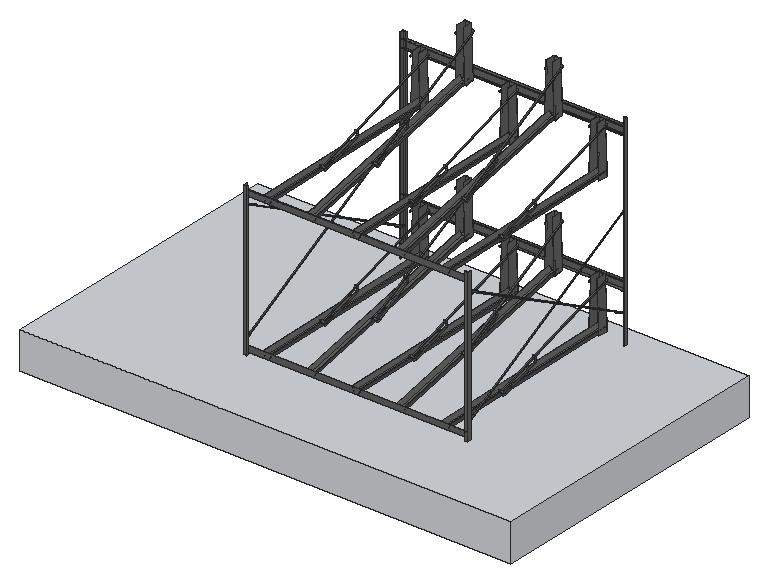
Revit family "Bike_Rack-Saris_Parking-Stretch_Rack", category Site, host Face, Revit 2014 (continued)
Definition of nested family "Bicycle-Saris_Parking-2D"
  Definition of nested family "FRONT"
    Lines and regions (in)
      symbolic lines, style "Bike 2D", detail levels medium+fine
        curve 38: arc (3.37163, -32.72886, 34.68575) -> (2.94854, -32.72886, 34.60721) -> (2.53824, -32.72886, 34.47746) r 3.50811
        curve 39: arc (1.27154, -32.72886, 37.79657) -> (0.96874, -32.72886, 37.87487) -> (0.65764, -32.72886, 37.90698) r 2.08439
        curve 40: line (2.14183, -32.72886, 38.61238) -> (0.61416, -32.72886, 38.61238)
        curve 41: line (4.49497, -32.72886, 41.10228) -> (4.76896, -32.72886, 41.83416)
        curve 42: line (5.91514, -32.72886, 42.78605) -> (6.95487, -32.72886, 42.63748)
        curve 43: line (6.8693, -32.72886, 41.6193) -> (5.81978, -32.72886, 41.78893)
        curve 44: line (5.81978, -32.72886, 41.78893) -> (5.41942, -32.72886, 40.71944)
        curve 45: line (9.08458, -32.72886, 41.14517) -> (7.22129, -32.72886, 41.42196)
        curve 46: line (7.4228, -32.72886, 42.77852) -> (9.2861, -32.72886, 42.50173)
        curve 47: arc (7.4228, -32.72886, 42.77852) -> (7.17306, -32.72886, 42.76035) -> (6.95487, -32.72886, 42.63748) r 0.57343
        curve 48: arc (6.8693, -32.72886, 41.6193) -> (7.02716, -32.72886, 41.48829) -> (7.22129, -32.72886, 41.42196) r 0.56748
        curve 49: arc (9.2861, -32.72886, 42.50173) -> (9.79825, -32.72886, 41.73241) -> (9.08458, -32.72886, 41.14517) r 0.68925
        curve 50: arc (5.91514, -32.72886, 42.78605) -> (5.21556, -32.72886, 42.46242) -> (4.76896, -32.72886, 41.83416) r 1.50051
        curve 51: arc (2.16638, -32.72886, 39.61238) -> (3.5486, -32.72886, 40.01673) -> (4.49497, -32.72886, 41.10228) r 2.56464
        curve 52: arc (2.14183, -32.72886, 38.61238) -> (4.09006, -32.72886, 39.18458) -> (5.41942, -32.72886, 40.71944) r 3.60272
        curve 53: arc (6.95487, -32.72886, 42.63748) -> (7.24748, -32.72886, 42.1002) -> (6.8693, -32.72886, 41.6193) r 0.55602
        curve 54: line (0.61416, -32.72886, 38.25651) -> (0.61416, -32.72886, 39.27296)
        curve 55: line (0.61416, -32.72886, 39.27296) -> (0.61416, -32.72886, 39.61238)
        curve 56: line (0.48916, -32.72886, 37.85466) -> (0.48916, -32.72886, 31.95103)
        curve 57: spline (0.0109, -32.72886, 32.03588) -> (0.39772, -32.72886, 31.97983) -> (0.7572, -32.72886, 31.82658) -> (1.06529, -32.72886, 31.58636) -> (1.30138, -32.72886, 31.27527) -> (1.44966, -32.72886, 30.91411) -> (1.50021, -32.72886, 30.52706) -> (1.44966, -32.72886, 30.14) -> (1.30138, -32.72886, 29.77884) -> (1.06529, -32.72886, 29.46775) -> (0.7572, -32.72886, 29.22754) -> (0.39772, -32.72886, 29.07428) -> (0.0109, -32.72886, 29.01823)
        curve 58: line (-0.96736, -32.72886, 29.39579) -> (-0.96736, -32.72886, 26.35537)
        curve 59: line (-2.07448, -32.72886, 28.19801) -> (-0.96736, -32.72886, 28.19801)
        curve 60: line (-2.07448, -32.72886, 26.09556) -> (-2.07448, -32.72886, 28.19801)
        curve 61: spline (-1.6722, -32.72886, 26.07132) -> (-1.77553, -32.72886, 26.08771) -> (-1.88437, -32.72886, 26.09696) -> (-1.99561, -32.72886, 26.0988) -> (-2.10602, -32.72886, 26.09319) -> (-2.21246, -32.72886, 26.08027) -> (-2.31184, -32.72886, 26.06043) -> (-2.40133, -32.72886, 26.03423) -> (-2.47834, -32.72886, 26.00243) -> (-2.54066, -32.72886, 25.96594) -> (-2.5865, -32.72886, 25.92581) -> (-2.61454, -32.72886, 25.8832) -> (-2.62398, -32.72886, 25.83932)
        curve 62: line (-1.36484, -32.72886, 27.40263) -> (-1.6722, -32.72886, 26.07132)
        curve 63: spline (-0.97447, -32.72886, 27.71301) -> (-1.07825, -32.72886, 27.70081) -> (-1.17394, -32.72886, 27.66499) -> (-1.25539, -32.72886, 27.60787) -> (-1.31733, -32.72886, 27.53313) -> (-1.35579, -32.72886, 27.44559) -> (-1.36828, -32.72886, 27.35087) -> (-1.354, -32.72886, 27.2551) -> (-1.31386, -32.72886, 27.16445) -> (-1.25046, -32.72886, 27.08475) -> (-1.16788, -32.72886, 27.02114) -> (-1.07144, -32.72886, 26.97772) -> (-0.96736, -32.72886, 26.9573)
        curve 64: line (-2.62398, -32.72886, 25.83932) -> (-2.62398, -32.72886, 23.99344)
        curve 65: spline (-1.41036, -32.72886, 24.13098) -> (-1.52525, -32.72886, 24.18547) -> (-1.67314, -32.72886, 24.22564) -> (-1.84299, -32.72886, 24.24847) -> (-2.02213, -32.72886, 24.25226) -> (-2.19717, -32.72886, 24.23674) -> (-2.35507, -32.72886, 24.20306) -> (-2.48402, -32.72886, 24.15373) -> (-2.57441, -32.72886, 24.09244) -> (-2.61949, -32.72886, 24.02376) -> (-2.6159, -32.72886, 23.95281) -> (-2.56389, -32.72886, 23.8849) -> (-2.46736, -32.72886, 23.82509)
        curve 66: line (-2.46736, -32.72886, 24.1618) -> (-2.46736, -32.72886, 12.40829)
        curve 67: spline (0.0109, -32.72886, 26.78579) -> (-0.17732, -32.72886, 26.7645) -> (-0.36134, -32.72886, 26.71961) -> (-0.53819, -32.72886, 26.65185) -> (-0.70504, -32.72886, 26.56229) -> (-0.85922, -32.72886, 26.45239) -> (-0.99825, -32.72886, 26.32391) -> (-1.11988, -32.72886, 26.1789) -> (-1.22219, -32.72886, 26.01969) -> (-1.30351, -32.72886, 25.84885) -> (-1.36255, -32.72886, 25.6691) -> (-1.39836, -32.72886, 25.48335) -> (-1.41036, -32.72886, 25.29456)
        curve 68: spline (0.0109, -32.72886, 26.56475) -> (-0.1544, -32.72886, 26.54429) -> (-0.31587, -32.72886, 26.50348) -> (-0.47101, -32.72886, 26.44295) -> (-0.61743, -32.72886, 26.36366) -> (-0.75284, -32.72886, 26.26681) -> (-0.87517, -32.72886, 26.15392) -> (-0.9825, -32.72886, 26.02673) -> (-1.07318, -32.72886, 25.8872) -> (-1.14581, -32.72886, 25.73752) -> (-1.19925, -32.72886, 25.57998) -> (-1.23269, -32.72886, 25.41703) -> (-1.2456, -32.72886, 25.2512)
        curve 69: line (-1.2456, -32.72886, 25.2512) -> (-1.2456, -32.72886, 14.16019)
        curve 70: line (-1.41036, -32.72886, 25.29456) -> (-1.41036, -32.72886, 14.15103)
        curve 71: line (-1.053, -32.72886, 0.50066) -> (-1.053, -32.72886, 25.48285)
        curve 72: line (-3.31736, -32.72886, 8.08114) -> (-6.81736, -32.72886, 8.08114)
        curve 73: line (-6.81736, -32.72886, 6.85734) -> (-3.31736, -32.72886, 6.85734)
        curve 74: line (-6.81736, -32.72886, 8.08114) -> (-6.81736, -32.72886, 6.85734)
        curve 75: line (-3.31736, -32.72886, 6.85734) -> (-3.31736, -32.72886, 8.08114)
        curve 76: line (-2.75486, -32.72886, 7.0035) -> (-2.75486, -32.72886, 12.71421)
        curve 77: line (-2.37986, -32.72886, 12.29783) -> (-2.37986, -32.72886, 7.0035)
        curve 78: line (-2.75486, -32.72886, 7.0035) -> (-2.37986, -32.72886, 7.0035)
        curve 79: spline (-1.90431, -32.72886, 12.60219) -> (-2.04526, -32.72886, 12.60137) -> (-2.18002, -32.72886, 12.58519) -> (-2.29787, -32.72886, 12.55496) -> (-2.38945, -32.72886, 12.51307) -> (-2.44749, -32.72886, 12.46285) -> (-2.46736, -32.72886, 12.40829) -> (-2.44749, -32.72886, 12.35373) -> (-2.38945, -32.72886, 12.30351) -> (-2.29787, -32.72886, 12.26162) -> (-2.18002, -32.72886, 12.23139) -> (-2.04526, -32.72886, 12.21521) -> (-1.90431, -32.72886, 12.21439)
        curve 80: spline (-1.90431, -32.72886, 12.21439) -> (-1.78787, -32.72886, 12.22585) -> (-1.68179, -32.72886, 12.24784) -> (-1.59218, -32.72886, 12.27908) -> (-1.5242, -32.72886, 12.31778) -> (-1.48178, -32.72886, 12.36169) -> (-1.46736, -32.72886, 12.40829) -> (-1.48178, -32.72886, 12.45489) -> (-1.5242, -32.72886, 12.4988) -> (-1.59218, -32.72886, 12.5375) -> (-1.68179, -32.72886, 12.56874) -> (-1.78787, -32.72886, 12.59073) -> (-1.90431, -32.72886, 12.60219)
        curve 81: line (-1.46736, -32.72886, 14.16019) -> (-1.46736, -32.72886, 12.41019)
        curve 82: line (-1.21736, -32.72886, 12.41019) -> (-1.21736, -32.72886, 14.16019)
        curve 83: line (-1.21736, -32.72886, 14.16019) -> (-1.46736, -32.72886, 14.16019)
        curve 84: line (-2.46736, -32.72886, 18.14677) -> (-2.63553, -32.72886, 13.54032)
        curve 85: spline (-2.63553, -32.72886, 13.54032) -> (-2.64661, -32.72886, 13.53327) -> (-2.65296, -32.72886, 13.52597) -> (-2.65452, -32.72886, 13.5185) -> (-2.65125, -32.72886, 13.51094) -> (-2.64321, -32.72886, 13.50339) -> (-2.63047, -32.72886, 13.49593) -> (-2.6132, -32.72886, 13.48865) -> (-2.59158, -32.72886, 13.48164) -> (-2.56587, -32.72886, 13.47496) -> (-2.53636, -32.72886, 13.46871) -> (-2.5034, -32.72886, 13.46294) -> (-2.46736, -32.72886, 13.45774)
        curve 86: line (-2.59236, -32.72886, 12.71421) -> (-2.59236, -32.72886, 13.48186)
        curve 87: line (-2.46736, -32.72886, 12.71421) -> (-2.75486, -32.72886, 12.71421)
        curve 88: line (-1.6982, -32.72886, 26.07622) -> (-1.23611, -32.72886, 25.99408)
        curve 89: line (-2.37986, -32.72886, 11.39854) -> (-1.59236, -32.72886, 11.39854)
        curve 90: line (-1.59236, -32.72886, 10.52339) -> (-1.59236, -32.72886, 12.279)
        curve 91: line (-1.41021, -32.72886, 10.52339) -> (-1.59236, -32.72886, 10.52339)
        curve 92: line (-1.40797, -32.72886, 10.08488) -> (-1.41036, -32.72886, 10.55308)
        curve 93: spline (-1.40797, -32.72886, 10.08488) -> (-1.41032, -32.72886, 10.06352) -> (-1.40663, -32.72886, 10.04217) -> (-1.39693, -32.72886, 10.02091) -> (-1.38124, -32.72886, 9.99984) -> (-1.35964, -32.72886, 9.97904) -> (-1.33221, -32.72886, 9.95858) -> (-1.29906, -32.72886, 9.93856) -> (-1.26033, -32.72886, 9.91905) -> (-1.21617, -32.72886, 9.90014) -> (-1.16676, -32.72886, 9.88189) -> (-1.1123, -32.72886, 9.86438) -> (-1.053, -32.72886, 9.84769)
        curve 94: line (-1.46736, -32.72886, 12.41019) -> (-1.21736, -32.72886, 12.41019)
        curve 95: arc (1.0748, -32.72886, 0.45197) -> (0, -32.72886, 0) -> (-1.053, -32.72886, 0.50066) r 1.42671
        curve 96: line (2.09628, -32.72886, 28.19801) -> (0.98916, -32.72886, 28.19801)
        curve 97: line (2.09628, -32.72886, 26.09556) -> (2.09628, -32.72886, 28.19801)
        curve 98: spline (1.694, -32.72886, 26.07132) -> (1.79733, -32.72886, 26.08771) -> (1.90617, -32.72886, 26.09696) -> (2.0174, -32.72886, 26.0988) -> (2.12782, -32.72886, 26.09319) -> (2.23426, -32.72886, 26.08027) -> (2.33364, -32.72886, 26.06043) -> (2.42313, -32.72886, 26.03423) -> (2.50014, -32.72886, 26.00243) -> (2.56246, -32.72886, 25.96594) -> (2.6083, -32.72886, 25.92581) -> (2.63634, -32.72886, 25.8832) -> (2.64578, -32.72886, 25.83932)
        curve 99: line (1.38664, -32.72886, 27.40263) -> (1.694, -32.72886, 26.07132)
        curve 100: spline (0.99627, -32.72886, 27.71301) -> (1.10005, -32.72886, 27.70081) -> (1.19574, -32.72886, 27.66499) -> (1.27719, -32.72886, 27.60787) -> (1.33913, -32.72886, 27.53313) -> (1.37759, -32.72886, 27.44559) -> (1.39008, -32.72886, 27.35087) -> (1.3758, -32.72886, 27.2551) -> (1.33566, -32.72886, 27.16445) -> (1.27226, -32.72886, 27.08475) -> (1.18968, -32.72886, 27.02114) -> (1.09324, -32.72886, 26.97772) -> (0.98916, -32.72886, 26.9573)
        curve 101: line (2.64578, -32.72886, 25.83932) -> (2.64578, -32.72886, 23.99344)
        curve 102: spline (1.43216, -32.72886, 24.13098) -> (1.54705, -32.72886, 24.18547) -> (1.69494, -32.72886, 24.22564) -> (1.86479, -32.72886, 24.24847) -> (2.04393, -32.72886, 24.25226) -> (2.21897, -32.72886, 24.23674) -> (2.37687, -32.72886, 24.20306) -> (2.50582, -32.72886, 24.15373) -> (2.59621, -32.72886, 24.09244) -> (2.64129, -32.72886, 24.02376) -> (2.63769, -32.72886, 23.95281) -> (2.58569, -32.72886, 23.8849) -> (2.48916, -32.72886, 23.82509)
        curve 103: line (2.48916, -32.72886, 24.1618) -> (2.48916, -32.72886, 12.40829)
        curve 104: spline (0.0109, -32.72886, 26.78579) -> (0.19912, -32.72886, 26.7645) -> (0.38314, -32.72886, 26.71961) -> (0.55999, -32.72886, 26.65185) -> (0.72684, -32.72886, 26.56229) -> (0.88102, -32.72886, 26.45239) -> (1.02004, -32.72886, 26.32391) -> (1.14168, -32.72886, 26.1789) -> (1.24399, -32.72886, 26.01969) -> (1.32531, -32.72886, 25.84885) -> (1.38435, -32.72886, 25.6691) -> (1.42016, -32.72886, 25.48335) -> (1.43216, -32.72886, 25.29456)
        curve 105: spline (0.0109, -32.72886, 26.56475) -> (0.1762, -32.72886, 26.54429) -> (0.33767, -32.72886, 26.50348) -> (0.49281, -32.72886, 26.44295) -> (0.63923, -32.72886, 26.36366) -> (0.77464, -32.72886, 26.26681) -> (0.89697, -32.72886, 26.15392) -> (1.0043, -32.72886, 26.02673) -> (1.09498, -32.72886, 25.8872) -> (1.16761, -32.72886, 25.73752) -> (1.22105, -32.72886, 25.57998) -> (1.25449, -32.72886, 25.41703) -> (1.2674, -32.72886, 25.2512)
        curve 106: line (1.2674, -32.72886, 25.2512) -> (1.2674, -32.72886, 14.16019)
        curve 107: line (1.43216, -32.72886, 25.29456) -> (1.43216, -32.72886, 14.15103)
        curve 108: spline (1.92611, -32.72886, 12.60219) -> (2.06706, -32.72886, 12.60137) -> (2.20182, -32.72886, 12.58519) -> (2.31967, -32.72886, 12.55496) -> (2.41125, -32.72886, 12.51307) -> (2.46929, -32.72886, 12.46285) -> (2.48916, -32.72886, 12.40829) -> (2.46929, -32.72886, 12.35373) -> (2.41125, -32.72886, 12.30351) -> (2.31967, -32.72886, 12.26162) -> (2.20182, -32.72886, 12.23139) -> (2.06706, -32.72886, 12.21521) -> (1.92611, -32.72886, 12.21439)
        curve 109: spline (1.92611, -32.72886, 12.21439) -> (1.80967, -32.72886, 12.22585) -> (1.70359, -32.72886, 12.24784) -> (1.61398, -32.72886, 12.27908) -> (1.546, -32.72886, 12.31778) -> (1.50358, -32.72886, 12.36169) -> (1.48916, -32.72886, 12.40829) -> (1.50358, -32.72886, 12.45489) -> (1.546, -32.72886, 12.4988) -> (1.61398, -32.72886, 12.5375) -> (1.70359, -32.72886, 12.56874) -> (1.80967, -32.72886, 12.59073) -> (1.92611, -32.72886, 12.60219)
        curve 110: line (1.48916, -32.72886, 14.16019) -> (1.48916, -32.72886, 12.41019)
        curve 111: line (1.23916, -32.72886, 12.41019) -> (1.23916, -32.72886, 14.16019)
        curve 112: line (1.23916, -32.72886, 14.16019) -> (1.48916, -32.72886, 14.16019)
        curve 113: line (2.48916, -32.72886, 18.14677) -> (2.65732, -32.72886, 13.54032)
        curve 114: spline (2.65732, -32.72886, 13.54032) -> (2.66841, -32.72886, 13.53327) -> (2.67476, -32.72886, 13.52597) -> (2.67632, -32.72886, 13.5185) -> (2.67305, -32.72886, 13.51094) -> (2.66501, -32.72886, 13.50339) -> (2.65227, -32.72886, 13.49593) -> (2.635, -32.72886, 13.48865) -> (2.61338, -32.72886, 13.48164) -> (2.58767, -32.72886, 13.47496) -> (2.55816, -32.72886, 13.46871) -> (2.5252, -32.72886, 13.46294) -> (2.48916, -32.72886, 13.45774)
        curve 115: line (2.61416, -32.72886, 12.71421) -> (2.61416, -32.72886, 13.48186)
        curve 116: line (2.48916, -32.72886, 12.71421) -> (2.61416, -32.72886, 12.71421)
        curve 117: line (1.72, -32.72886, 26.07622) -> (1.25791, -32.72886, 25.99408)
        curve 118: line (1.48916, -32.72886, 12.41019) -> (1.23916, -32.72886, 12.41019)
        curve 119: line (0.98916, -32.72886, 29.39579) -> (0.98916, -32.72886, 26.35537)
        curve 120: arc (-1.053, -32.72886, 25.48285) -> (0.00001, -32.72886, 25.9833) -> (1.0748, -32.72886, 25.53151) r 1.4271
        curve 121: line (1.0748, -32.72886, 0.45197) -> (1.0748, -32.72886, 25.53151)
        curve 122: line (6.53264, -32.72886, 16.70214) -> (3.03264, -32.72886, 16.70214)
        curve 123: line (3.03264, -32.72886, 15.47834) -> (6.53264, -32.72886, 15.47834)
        curve 124: line (6.53264, -32.72886, 15.47834) -> (6.53264, -32.72886, 16.70214)
        curve 125: line (3.03264, -32.72886, 16.70214) -> (3.03264, -32.72886, 15.47834)
        curve 126: line (2.09514, -32.72886, 11.39854) -> (1.61416, -32.72886, 11.39854)
        curve 127: line (1.61416, -32.72886, 10.52339) -> (1.61416, -32.72886, 12.279)
        curve 128: line (1.43201, -32.72886, 10.52339) -> (1.61416, -32.72886, 10.52339)
        curve 129: line (1.42977, -32.72886, 10.08488) -> (1.43216, -32.72886, 10.55308)
        curve 130: spline (1.42977, -32.72886, 10.08488) -> (1.43212, -32.72886, 10.06352) -> (1.42843, -32.72886, 10.04217) -> (1.41873, -32.72886, 10.02091) -> (1.40304, -32.72886, 9.99984) -> (1.38144, -32.72886, 9.97904) -> (1.35401, -32.72886, 9.95858) -> (1.32086, -32.72886, 9.93856) -> (1.28213, -32.72886, 9.91905) -> (1.23797, -32.72886, 9.90014) -> (1.18856, -32.72886, 9.88189) -> (1.1341, -32.72886, 9.86438) -> (1.0748, -32.72886, 9.84769)
        curve 131: line (-3.31736, -32.72886, 7.71401) -> (-2.75486, -32.72886, 7.71401)
        curve 132: line (-3.31736, -32.72886, 7.37117) -> (-2.75486, -32.72886, 7.37117)
        curve 133: line (2.09514, -32.72886, 10.83257) -> (2.47014, -32.72886, 10.83257)
        curve 134: line (2.09514, -32.72886, 10.83257) -> (2.09514, -32.72886, 12.22548)
        curve 135: line (2.47014, -32.72886, 12.35489) -> (2.47014, -32.72886, 10.83257)
        curve 136: line (3.03264, -32.72886, 16.3395) -> (2.55514, -32.72886, 16.3395)
        curve 137: line (3.03264, -32.72886, 15.95822) -> (2.56906, -32.72886, 15.95822)
      symbolic lines, style "Bike 2D", detail levels coarse
        curve 138: line (-9.78234, 0, 42.7978) -> (9.82889, 0, 42.7978)
        curve 139: line (-9.78234, 0, 0) -> (-9.78234, 0, 42.7978)
        curve 140: line (9.82889, 0, 0) -> (-9.78234, 0, 0)
        curve 141: line (9.82889, 0, 42.7978) -> (9.82889, 0, 0)
    Dimensions and locks (in)
      aligned and locked: plane 2 to level
  Definition of nested family "BACK"
    Reference planes (in)
      plane 1 "Center (Front/Back)": y = 0
      plane 2: z = 0
      plane 3 "Center (Left/Right)": x = 0
    Lines and regions (in)
      symbolic lines, style "Bike 2D", detail levels medium+fine
        curve 1: line (-2.13398, -32.72886, 38.61259) -> (-0.60631, -32.72886, 38.61259)
        curve 2: line (2.15853, -32.72886, 39.61258) -> (-2.15853, -32.72886, 39.61259)
        curve 3: line (-4.48712, -32.72886, 41.10249) -> (-4.76111, -32.72886, 41.83437)
        curve 4: line (-5.90729, -32.72886, 42.78626) -> (-6.94702, -32.72886, 42.63769)
        curve 5: line (-6.86145, -32.72886, 41.61951) -> (-5.81193, -32.72886, 41.78914)
        curve 6: line (-5.81193, -32.72886, 41.78914) -> (-5.41157, -32.72886, 40.71965)
        curve 7: line (-9.07673, -32.72886, 41.14538) -> (-7.21344, -32.72886, 41.42217)
        curve 8: line (-7.41495, -32.72886, 42.77873) -> (-9.27825, -32.72886, 42.50194)
        curve 9: arc (-7.41495, -32.72886, 42.77873) -> (-7.16521, -32.72886, 42.76056) -> (-6.94702, -32.72886, 42.63769) r 0.57343
        curve 10: arc (-6.86145, -32.72886, 41.61951) -> (-7.01931, -32.72886, 41.4885) -> (-7.21344, -32.72886, 41.42217) r 0.56748
        curve 11: arc (-9.27825, -32.72886, 42.50194) -> (-9.7904, -32.72886, 41.73261) -> (-9.07673, -32.72886, 41.14538) r 0.68925
        curve 12: arc (-5.90729, -32.72886, 42.78626) -> (-5.20771, -32.72886, 42.46262) -> (-4.76111, -32.72886, 41.83437) r 1.50051
        curve 13: arc (-2.15853, -32.72886, 39.61259) -> (-3.54075, -32.72886, 40.01694) -> (-4.48712, -32.72886, 41.10249) r 2.56464
        curve 14: arc (-2.13398, -32.72886, 38.61259) -> (-4.08221, -32.72886, 39.18479) -> (-5.41157, -32.72886, 40.71965) r 3.60272
        curve 15: arc (-6.94702, -32.72886, 42.63769) -> (-7.23963, -32.72886, 42.10041) -> (-6.86145, -32.72886, 41.61951) r 0.55602
        curve 16: line (-0.60631, -32.72886, 37.90795) -> (-0.60631, -32.72886, 39.27317)
        curve 17: line (-0.60631, -32.72886, 39.27317) -> (-0.60631, -32.72886, 39.61259)
        curve 18: line (-0.48131, -32.72886, 34.47766) -> (-0.48131, -32.72886, 33.13048)
        curve 19: line (-1.26369, -32.72886, 37.79678) -> (-2.6967, -32.72886, 37.30892)
        curve 20: line (-4.04629, -32.72886, 35.16642) -> (-3.88564, -32.72886, 36.47484)
        curve 21: line (-3.36378, -32.72886, 34.68596) -> (-3.7035, -32.72886, 34.72767)
        curve 22: line (-2.53039, -32.72886, 34.47766) -> (0.47521, -32.72886, 34.47766)
        curve 23: spline (-0.91884, -32.72886, 31.71068) -> (-1.08101, -32.72886, 31.56216) -> (-1.21986, -32.72886, 31.39168) -> (-1.33245, -32.72886, 31.20288) -> (-1.41638, -32.72886, 30.99975) -> (-1.46988, -32.72886, 30.78659) -> (-1.49181, -32.72886, 30.56794) -> (-1.48171, -32.72886, 30.34843) -> (-1.43979, -32.72886, 30.1327) -> (-1.36694, -32.72886, 29.92535) -> (-1.26471, -32.72886, 29.73076) -> (-1.13526, -32.72886, 29.55306) -> (-0.98134, -32.72886, 29.39602)
        curve 24: line (-2.6967, -32.72886, 37.30892) -> (-3.88564, -32.72886, 36.47484)
        curve 25: arc (-4.04629, -32.72886, 35.16642) -> (-3.96576, -32.72886, 34.87605) -> (-3.7035, -32.72886, 34.72767) r 0.3937
        curve 26: arc (-3.36378, -32.72886, 34.68596) -> (-2.94069, -32.72886, 34.60742) -> (-2.53039, -32.72886, 34.47766) r 3.50811
        curve 27: arc (-1.26369, -32.72886, 37.79678) -> (-0.93947, -32.72886, 37.87882) -> (-0.60631, -32.72886, 37.90795) r 2.08439
        curve 28: line (1.25759, -32.72886, 37.79678) -> (2.6906, -32.72886, 37.30892)
        curve 29: line (4.04019, -32.72886, 35.16642) -> (3.87953, -32.72886, 36.47484)
        curve 30: line (3.35768, -32.72886, 34.68596) -> (3.6974, -32.72886, 34.72767)
        curve 31: line (2.52429, -32.72886, 34.47766) -> (0.47521, -32.72886, 34.47766)
        curve 32: line (2.6906, -32.72886, 37.30892) -> (3.87953, -32.72886, 36.47484)
        curve 33: arc (4.04019, -32.72886, 35.16642) -> (3.95966, -32.72886, 34.87605) -> (3.6974, -32.72886, 34.72767) r 0.3937
        curve 34: arc (3.35768, -32.72886, 34.68596) -> (2.93458, -32.72886, 34.60742) -> (2.52429, -32.72886, 34.47766) r 3.50811
        curve 35: arc (1.25759, -32.72886, 37.79678) -> (0.93337, -32.72886, 37.87882) -> (0.60021, -32.72886, 37.90795) r 2.08439
        curve 36: line (2.12788, -32.72886, 38.61259) -> (0.60021, -32.72886, 38.61259)
        curve 37: line (4.48102, -32.72886, 41.10249) -> (4.75501, -32.72886, 41.83437)
        curve 38: line (5.90119, -32.72886, 42.78626) -> (6.94092, -32.72886, 42.63769)
        curve 39: line (6.85535, -32.72886, 41.61951) -> (5.80583, -32.72886, 41.78914)
        curve 40: line (5.80583, -32.72886, 41.78914) -> (5.40547, -32.72886, 40.71965)
        curve 41: line (9.07063, -32.72886, 41.14538) -> (7.20734, -32.72886, 41.42217)
        curve 42: line (7.40885, -32.72886, 42.77873) -> (9.27215, -32.72886, 42.50194)
        curve 43: arc (7.40885, -32.72886, 42.77873) -> (7.15911, -32.72886, 42.76056) -> (6.94092, -32.72886, 42.63769) r 0.57343
        curve 44: arc (6.85535, -32.72886, 41.61951) -> (7.01321, -32.72886, 41.4885) -> (7.20734, -32.72886, 41.42217) r 0.56748
        curve 45: arc (9.27215, -32.72886, 42.50194) -> (9.7843, -32.72886, 41.73261) -> (9.07063, -32.72886, 41.14538) r 0.68925
        curve 46: arc (5.90119, -32.72886, 42.78626) -> (5.20161, -32.72886, 42.46262) -> (4.75501, -32.72886, 41.83437) r 1.50051
        curve 47: arc (2.15243, -32.72886, 39.61259) -> (3.53465, -32.72886, 40.01694) -> (4.48102, -32.72886, 41.10249) r 2.56464
        curve 48: arc (2.12788, -32.72886, 38.61259) -> (4.07611, -32.72886, 39.18479) -> (5.40547, -32.72886, 40.71965) r 3.60272
        curve 49: arc (6.94092, -32.72886, 42.63769) -> (7.23353, -32.72886, 42.10041) -> (6.85535, -32.72886, 41.61951) r 0.55602
        curve 50: line (0.60021, -32.72886, 37.90795) -> (0.60021, -32.72886, 39.27317)
        curve 51: line (0.60021, -32.72886, 39.27317) -> (0.60021, -32.72886, 39.61258)
        curve 52: line (0.47521, -32.72886, 34.47766) -> (0.47521, -32.72886, 33.11925)
        curve 53: spline (0.95616, -32.72886, 31.67504) -> (1.10635, -32.72886, 31.52779) -> (1.23459, -32.72886, 31.36113) -> (1.3384, -32.72886, 31.17828) -> (1.41576, -32.72886, 30.98281) -> (1.46517, -32.72886, 30.7785) -> (1.48568, -32.72886, 30.56931) -> (1.47687, -32.72886, 30.35931) -> (1.43894, -32.72886, 30.15256) -> (1.3726, -32.72886, 29.95309) -> (1.27915, -32.72886, 29.76476) -> (1.1604, -32.72886, 29.59122) -> (1.01866, -32.72886, 29.43584)
        curve 54: line (-2.08843, -32.72886, 26.09577) -> (-2.08843, -32.72886, 28.19822)
        curve 55: spline (-1.71215, -32.72886, 26.07643) -> (-1.81488, -32.72886, 26.09077) -> (-1.92219, -32.72886, 26.0982) -> (-2.03112, -32.72886, 26.0985) -> (-2.13868, -32.72886, 26.09168) -> (-2.24191, -32.72886, 26.07792) -> (-2.33797, -32.72886, 26.0576) -> (-2.42421, -32.72886, 26.03127) -> (-2.49826, -32.72886, 25.99967) -> (-2.55809, -32.72886, 25.96366) -> (-2.60203, -32.72886, 25.92423) -> (-2.62889, -32.72886, 25.88247) -> (-2.63793, -32.72886, 25.83953)
        curve 56: line (-2.63793, -32.72886, 25.83953) -> (-2.63793, -32.72886, 23.98759)
        curve 57: line (-3.33131, -32.72886, 8.08135) -> (-6.83131, -32.72886, 8.08135)
        curve 58: line (-6.83131, -32.72886, 6.85755) -> (-3.33131, -32.72886, 6.85755)
        curve 59: line (-6.83131, -32.72886, 8.08135) -> (-6.83131, -32.72886, 6.85755)
        curve 60: line (-3.33131, -32.72886, 6.85755) -> (-3.33131, -32.72886, 8.08135)
        curve 61: line (-2.76881, -32.72886, 7.00371) -> (-2.76881, -32.72886, 13.97398)
        curve 62: line (-2.39381, -32.72886, 13.97398) -> (-2.39381, -32.72886, 7.00371)
        curve 63: line (-2.76881, -32.72886, 7.00371) -> (-2.39381, -32.72886, 7.00371)
        curve 64: line (-1.71215, -32.72886, 26.07643) -> (-1.32416, -32.72886, 26.00746)
        curve 65: line (-2.39381, -32.72886, 11.39875) -> (-1.60631, -32.72886, 11.39875)
        curve 66: line (-1.60631, -32.72886, 10.5236) -> (-1.60631, -32.72886, 11.39875)
        curve 67: line (-1.42416, -32.72886, 10.5236) -> (-1.60631, -32.72886, 10.5236)
        curve 68: line (-1.42192, -32.72886, 10.08509) -> (-1.42416, -32.72886, 10.5236)
        curve 69: spline (-1.42192, -32.72886, 10.08509) -> (-1.42427, -32.72886, 10.06373) -> (-1.42058, -32.72886, 10.04238) -> (-1.41088, -32.72886, 10.02112) -> (-1.39519, -32.72886, 10.00005) -> (-1.37359, -32.72886, 9.97925) -> (-1.34616, -32.72886, 9.95879) -> (-1.31301, -32.72886, 9.93877) -> (-1.27428, -32.72886, 9.91926) -> (-1.23012, -32.72886, 9.90034) -> (-1.18071, -32.72886, 9.8821) -> (-1.12625, -32.72886, 9.86459) -> (-1.06695, -32.72886, 9.8479)
        curve 70: arc (1.06085, -32.72886, 0.45217) -> (-0.01395, -32.72886, 0.00021) -> (-1.06695, -32.72886, 0.50087) r 1.42671
        curve 71: line (2.08233, -32.72886, 28.19822) -> (-2.08843, -32.72886, 28.19822)
        curve 72: line (2.08233, -32.72886, 26.09803) -> (2.08233, -32.72886, 28.19822)
        curve 73: spline (1.7235, -32.72886, 26.07153) -> (1.82683, -32.72886, 26.08792) -> (1.93568, -32.72886, 26.09717) -> (2.04691, -32.72886, 26.09901) -> (2.15733, -32.72886, 26.09339) -> (2.26376, -32.72886, 26.08048) -> (2.36315, -32.72886, 26.06064) -> (2.45263, -32.72886, 26.03444) -> (2.52964, -32.72886, 26.00264) -> (2.59196, -32.72886, 25.96615) -> (2.6378, -32.72886, 25.92602) -> (2.66585, -32.72886, 25.88341) -> (2.67528, -32.72886, 25.83953)
        curve 74: line (2.67528, -32.72886, 25.83953) -> (2.67528, -32.72886, 23.99365)
        curve 75: line (0.95616, -32.72886, 31.86108) -> (0.95616, -32.72886, 30.82553)
        curve 76: line (6.51869, -32.72886, 16.70235) -> (3.01869, -32.72886, 16.70235)
        curve 77: line (3.01869, -32.72886, 15.47855) -> (6.51869, -32.72886, 15.47855)
        curve 78: line (6.51869, -32.72886, 15.47855) -> (6.51869, -32.72886, 16.70235)
        curve 79: line (3.01869, -32.72886, 16.70235) -> (3.01869, -32.72886, 15.47855)
        curve 80: line (2.26866, -32.72886, 11.39875) -> (1.64366, -32.72886, 11.39875)
        curve 81: line (1.64366, -32.72886, 10.5236) -> (1.64366, -32.72886, 11.39875)
        curve 82: line (1.41806, -32.72886, 10.5236) -> (1.64366, -32.72886, 10.5236)
        curve 83: line (1.41582, -32.72886, 10.08509) -> (1.41806, -32.72886, 10.5236)
        curve 84: spline (1.41582, -32.72886, 10.08509) -> (1.4182, -32.72886, 10.06502) -> (1.41525, -32.72886, 10.04495) -> (1.40698, -32.72886, 10.02496) -> (1.39343, -32.72886, 10.00512) -> (1.37464, -32.72886, 9.9855) -> (1.35067, -32.72886, 9.96616) -> (1.32162, -32.72886, 9.94718) -> (1.28759, -32.72886, 9.92862) -> (1.24869, -32.72886, 9.91055) -> (1.20507, -32.72886, 9.89304) -> (1.15689, -32.72886, 9.87614) -> (1.10431, -32.72886, 9.85992)
        curve 85: line (-3.33131, -32.72886, 7.71421) -> (-2.76881, -32.72886, 7.71421)
        curve 86: line (-3.33131, -32.72886, 7.37138) -> (-2.76881, -32.72886, 7.37138)
        curve 87: line (3.01869, -32.72886, 16.3397) -> (2.55619, -32.72886, 16.3397)
        curve 88: line (3.01869, -32.72886, 15.95843) -> (2.58882, -32.72886, 15.95843)
        curve 89: arc (3.67351, 0, 36.61937) -> (2.44805, 0, 36.84995) -> (1.22258, 0, 36.61937) r 3.37182
        curve 90: arc (1.22258, 0, 36.61937) -> (0.17797, 0, 36.32929) -> (-0.88937, 0, 36.51937) r 2.44511
        curve 91: arc (-3.67351, 0, 36.61937) -> (-2.44994, 0, 36.84995) -> (-1.2261, 0, 36.62074) r 3.37182
        curve 92: line (-0.88937, 0, 36.51937) -> (-1.2261, 0, 36.62074)
        curve 93: line (0.60021, 0, 37.90795) -> (-0.60631, 0, 37.90795)
        curve 94: line (-0.91884, 0, 30.82553) -> (-0.91884, 0, 31.86108)
        curve 95: spline (0.47521, 0, 33.45151) -> (0.54878, 0, 33.41409) -> (0.60256, 0, 33.37183) -> (0.63453, 0, 33.32631) -> (0.64351, 0, 33.27925) -> (0.62915, 0, 33.23238) -> (0.59199, 0, 33.18748) -> (0.53342, 0, 33.1462) -> (0.45563, 0, 33.1101) -> (0.36152, 0, 33.08052) -> (0.2546, 0, 33.05856) -> (0.13888, 0, 33.04505) -> (0.01866, 0, 33.04049)
        curve 96: spline (0.01866, 0, 33.04049) -> (-0.09593, 0, 33.04463) -> (-0.20665, 0, 33.05691) -> (-0.30972, 0, 33.07692) -> (-0.40166, 0, 33.10397) -> (-0.47934, 0, 33.13715) -> (-0.54014, 0, 33.17533) -> (-0.582, 0, 33.21723) -> (-0.60348, 0, 33.26141) -> (-0.60387, 0, 33.30638) -> (-0.58316, 0, 33.35062) -> (-0.54203, 0, 33.39262) -> (-0.4819, 0, 33.43097)
        curve 97: line (-0.60634, 0, 31.55215) -> (-0.60634, 0, 33.28472)
        curve 98: line (0.64366, 0, 33.28472) -> (0.64366, 0, 31.55215)
        curve 99: spline (0.64366, 0, 32.13413) -> (0.66663, 0, 32.12583) -> (0.68888, 0, 32.11724) -> (0.71038, 0, 32.10835) -> (0.73111, 0, 32.0992) -> (0.75105, 0, 32.08978) -> (0.77017, 0, 32.0801) -> (0.78845, 0, 32.07018) -> (0.80588, 0, 32.06002) -> (0.82243, 0, 32.04965) -> (0.83808, 0, 32.03906) -> (0.85282, 0, 32.02828) -> (0.86664, 0, 32.01731)
        curve 100: line (0.91063, 0, 31.7483) -> (0.57465, 0, 31.34254)
        curve 101: line (0.33679, 0, 31.27493) -> (-0.29947, 0, 31.27493)
        curve 102: spline (-0.29947, 0, 31.27493) -> (-0.32562, 0, 31.27546) -> (-0.3515, 0, 31.27707) -> (-0.37679, 0, 31.27972) -> (-0.40124, 0, 31.28339) -> (-0.42458, 0, 31.28804) -> (-0.44654, 0, 31.29362) -> (-0.46688, 0, 31.30007) -> (-0.48539, 0, 31.30731) -> (-0.50186, 0, 31.31527) -> (-0.5161, 0, 31.32386) -> (-0.52797, 0, 31.33298) -> (-0.53733, 0, 31.34254)
        curve 103: line (-0.53733, 0, 31.34254) -> (-0.8733, 0, 31.7483)
        curve 104: spline (-0.8733, 0, 31.7483) -> (-0.88966, 0, 31.77039) -> (-0.90243, 0, 31.79284) -> (-0.91157, 0, 31.81556) -> (-0.91705, 0, 31.83846) -> (-0.91884, 0, 31.86145) -> (-0.91693, 0, 31.88444) -> (-0.91133, 0, 31.90733) -> (-0.90207, 0, 31.93005) -> (-0.88918, 0, 31.95249) -> (-0.87272, 0, 31.97457) -> (-0.85273, 0, 31.9962) -> (-0.82932, 0, 32.0173)
        curve 105: spline (-0.82932, 0, 32.0173) -> (-0.81551, 0, 32.02827) -> (-0.80076, 0, 32.03906) -> (-0.78511, 0, 32.04964) -> (-0.76856, 0, 32.06002) -> (-0.75113, 0, 32.07017) -> (-0.73285, 0, 32.08009) -> (-0.71372, 0, 32.08977) -> (-0.69379, 0, 32.0992) -> (-0.67306, 0, 32.10835) -> (-0.65155, 0, 32.11724) -> (-0.62931, 0, 32.12583) -> (-0.60634, 0, 32.13413)
        curve 106: spline (0.86664, 0, 32.01731) -> (0.89005, 0, 31.99621) -> (0.91004, 0, 31.97457) -> (0.92651, 0, 31.95249) -> (0.9394, 0, 31.93005) -> (0.94866, 0, 31.90734) -> (0.95425, 0, 31.88444) -> (0.95616, 0, 31.86145) -> (0.95438, 0, 31.83846) -> (0.9489, 0, 31.81556) -> (0.93976, 0, 31.79284) -> (0.92699, 0, 31.77039) -> (0.91063, 0, 31.7483)
        curve 107: spline (0.57465, 0, 31.34254) -> (0.56529, 0, 31.33298) -> (0.55343, 0, 31.32386) -> (0.53918, 0, 31.31527) -> (0.52272, 0, 31.30731) -> (0.50421, 0, 31.30007) -> (0.48386, 0, 31.29362) -> (0.4619, 0, 31.28804) -> (0.43857, 0, 31.28339) -> (0.41412, 0, 31.27972) -> (0.38882, 0, 31.27707) -> (0.36295, 0, 31.27546) -> (0.33679, 0, 31.27493)
        curve 108: arc (0.64366, 0, 31.55215) -> (0.01866, 0, 31.42561) -> (-0.60634, 0, 31.55215) r 1.60673
        curve 109: line (0.57465, 0, 30.30699) -> (0.91063, 0, 30.71275)
        curve 110: line (-0.29947, 0, 30.23938) -> (0.33679, 0, 30.23938)
        curve 111: line (-0.8733, 0, 30.71275) -> (-0.53733, 0, 30.30699)
        curve 112: spline (-0.29947, 0, 30.23938) -> (-0.32562, 0, 30.23991) -> (-0.3515, 0, 30.24152) -> (-0.37679, 0, 30.24417) -> (-0.40124, 0, 30.24784) -> (-0.42458, 0, 30.25249) -> (-0.44654, 0, 30.25807) -> (-0.46688, 0, 30.26452) -> (-0.48539, 0, 30.27176) -> (-0.50186, 0, 30.27972) -> (-0.5161, 0, 30.28831) -> (-0.52797, 0, 30.29743) -> (-0.53733, 0, 30.30699)
        curve 113: spline (0.57465, 0, 30.30699) -> (0.56529, 0, 30.29743) -> (0.55343, 0, 30.28831) -> (0.53918, 0, 30.27972) -> (0.52272, 0, 30.27176) -> (0.50421, 0, 30.26452) -> (0.48386, 0, 30.25807) -> (0.4619, 0, 30.25249) -> (0.43857, 0, 30.24784) -> (0.41412, 0, 30.24417) -> (0.38882, 0, 30.24152) -> (0.36295, 0, 30.23991) -> (0.33679, 0, 30.23938)
        curve 114: spline (0.95616, 0, 30.82553) -> (0.95584, 0, 30.81597) -> (0.95489, 0, 30.80643) -> (0.9533, 0, 30.79689) -> (0.95107, 0, 30.78738) -> (0.94821, 0, 30.77789) -> (0.94471, 0, 30.76844) -> (0.94059, 0, 30.75902) -> (0.93584, 0, 30.74965) -> (0.93046, 0, 30.74033) -> (0.92447, 0, 30.73107) -> (0.91785, 0, 30.72187) -> (0.91063, 0, 30.71275)
        curve 115: spline (-0.8733, 0, 30.71275) -> (-0.88053, 0, 30.72187) -> (-0.88714, 0, 30.73107) -> (-0.89313, 0, 30.74033) -> (-0.89851, 0, 30.74965) -> (-0.90326, 0, 30.75902) -> (-0.90738, 0, 30.76844) -> (-0.91088, 0, 30.77789) -> (-0.91374, 0, 30.78738) -> (-0.91597, 0, 30.79689) -> (-0.91756, 0, 30.80643) -> (-0.91852, 0, 30.81597) -> (-0.91884, 0, 30.82553)
        curve 116: line (0.58898, 0, 30.32429) -> (0.58898, 0, 28.41672)
        curve 117: line (-0.55165, 0, 28.41672) -> (-0.55165, 0, 30.32429)
        curve 118: line (-0.98134, 0, 28.41672) -> (-0.98134, 0, 31.66131)
        curve 119: line (1.01866, 0, 31.59649) -> (1.01866, 0, 28.41672)
        curve 120: line (1.10431, 0, 28.41672) -> (-1.06698, 0, 28.41672)
        curve 121: line (1.10431, 0, 26.16672) -> (1.10431, 0, 28.41672)
        curve 122: line (-1.06698, 0, 28.41672) -> (-1.06698, 0, 26.16672)
        curve 123: line (1.10431, 0, 26.16672) -> (-1.06698, 0, 26.16672)
        curve 124: line (-1.06698, 0, 17.00715) -> (-1.06698, 0, 0.50086)
        curve 125: line (1.10431, 0, 17.00715) -> (1.10431, 0, 0.50086)
        curve 126: line (1.77436, 0, 18.12581) -> (1.77436, 0, 13.49479)
        curve 127: line (1.51866, 0, 13.49479) -> (1.51866, 0, 18.18283)
        curve 128: line (-1.73703, 0, 13.49479) -> (-1.73703, 0, 18.12581)
        curve 129: line (-1.48703, 0, 18.12581) -> (-1.48703, 0, 13.49479)
        curve 130: spline (1.77436, 0, 13.49479) -> (1.7701, 0, 13.46479) -> (1.75761, 0, 13.43683) -> (1.73775, 0, 13.41282) -> (1.71186, 0, 13.3944) -> (1.68171, 0, 13.38282) -> (1.64936, 0, 13.37887) -> (1.617, 0, 13.38282) -> (1.58686, 0, 13.3944) -> (1.56097, 0, 13.41282) -> (1.5411, 0, 13.43683) -> (1.52862, 0, 13.46479) -> (1.52436, 0, 13.49479)
        curve 131: spline (-1.48703, 0, 13.49479) -> (-1.49129, 0, 13.46479) -> (-1.50378, 0, 13.43683) -> (-1.52364, 0, 13.41282) -> (-1.54953, 0, 13.3944) -> (-1.57968, 0, 13.38282) -> (-1.61203, 0, 13.37887) -> (-1.64438, 0, 13.38282) -> (-1.67453, 0, 13.3944) -> (-1.70042, 0, 13.41282) -> (-1.72028, 0, 13.43683) -> (-1.73277, 0, 13.46479) -> (-1.73703, 0, 13.49479)
        curve 132: line (1.16928, 0, 27.83616) -> (2.62781, 0, 13.95916)
        curve 133: line (2.51866, 0, 23.8253) -> (2.51866, 0, 16.77831)
        curve 134: line (1.7235, 0, 26.07153) -> (2.66566, 0, 15.06038)
        curve 135: line (1.46166, 0, 14.74328) -> (1.46166, 0, 16.76895)
        curve 136: line (1.2969, 0, 16.76895) -> (1.2969, 0, 14.74328)
        curve 137: line (1.2969, 0, 14.74328) -> (1.46166, 0, 14.74328)
        curve 138: line (1.46166, 0, 16.76895) -> (1.2969, 0, 16.76895)
        curve 139: line (-1.25957, 0, 16.76895) -> (-1.42195, 0, 16.76895)
        curve 140: line (-1.25957, 0, 14.74328) -> (-1.25957, 0, 16.76895)
        curve 141: line (-1.42195, 0, 16.76895) -> (-1.42195, 0, 14.74328)
        curve 142: line (-1.42195, 0, 14.74328) -> (-1.25957, 0, 14.74328)
        curve 143: spline (2.26866, 0, 13.44134) -> (2.21711, 0, 13.44124) -> (2.16665, 0, 13.44222) -> (2.11806, 0, 13.44426) -> (2.07208, 0, 13.44735) -> (2.02943, 0, 13.45142) -> (1.99076, 0, 13.45642) -> (1.95667, 0, 13.46227) -> (1.92769, 0, 13.46887) -> (1.90425, 0, 13.47614) -> (1.88672, 0, 13.48395) -> (1.87538, 0, 13.49219) -> (1.87038, 0, 13.50072)
        curve 144: line (2.64366, 0, 11.0475) -> (2.64366, 0, 13.95916)
        curve 145: line (2.26866, 0, 11.04963) -> (2.64366, 0, 11.0475)
        curve 146: line (2.26866, 0, 13.95916) -> (2.26866, 0, 11.04963)
        curve 147: line (2.64366, 0, 13.95916) -> (2.26866, 0, 13.95916)
        curve 148: line (2.66566, 0, 15.06038) -> (2.71021, 0, 13.5205)
        curve 149: spline (2.70589, 0, 13.52038) -> (2.70554, 0, 13.51712) -> (2.70428, 0, 13.51386) -> (2.70212, 0, 13.51058) -> (2.69907, 0, 13.50731) -> (2.69513, 0, 13.50405) -> (2.69031, 0, 13.50081) -> (2.68463, 0, 13.49759) -> (2.67809, 0, 13.4944) -> (2.6707, 0, 13.49124) -> (2.66249, 0, 13.48813) -> (2.65347, 0, 13.48507) -> (2.64366, 0, 13.48207)
        curve 150: line (-2.08846, 0, 8.56646) -> (-2.08846, 0, 11.39875)
        curve 151: line (-2.23134, 0, 11.39875) -> (-2.23134, 0, 8.56646)
        curve 152: line (-2.08846, 0, 8.56646) -> (-2.23134, 0, 8.56646)
        curve 153: line (1.51866, 0, 12.87483) -> (1.51866, 0, 11.12483)
        curve 154: line (1.26866, 0, 11.12483) -> (1.26866, 0, 12.87483)
        curve 155: line (1.26866, 0, 12.87483) -> (1.51866, 0, 12.87483)
        curve 156: line (1.51866, 0, 11.12483) -> (1.26866, 0, 11.12483)
        curve 157: line (-1.23134, 0, 12.87483) -> (-1.23134, 0, 11.12483)
        curve 158: line (-1.48134, 0, 11.12483) -> (-1.48134, 0, 12.87483)
        curve 159: line (-1.48134, 0, 12.87483) -> (-1.23134, 0, 12.87483)
        curve 160: line (-1.23134, 0, 11.12483) -> (-1.48134, 0, 11.12483)
        curve 161: line (1.77436, 0, 16.81969) -> (1.87038, 0, 13.50072)
        curve 162: line (2.08233, 0, 27.83616) -> (-2.08843, 0, 27.83616)
        curve 163: line (1.7235, 0, 26.07153) -> (1.36231, 0, 25.99964)
        curve 164: line (1.97995, 0, 23.62017) -> (2.4718, 0, 23.80569)
        curve 165: spline (2.67528, 0, 23.99365) -> (2.67379, 0, 23.97615) -> (2.66932, 0, 23.95873) -> (2.66189, 0, 23.94147) -> (2.65154, 0, 23.92445) -> (2.63832, 0, 23.90774) -> (2.62227, 0, 23.89142) -> (2.60349, 0, 23.87556) -> (2.58204, 0, 23.86025) -> (2.55804, 0, 23.84553) -> (2.53158, 0, 23.8315) -> (2.50279, 0, 23.81819) -> (2.4718, 0, 23.80569)
        curve 166: line (2.4718, 0, 25.65157) -> (1.78956, 0, 25.39423)
        curve 167: spline (2.67462, 0, 25.82787) -> (2.67142, 0, 25.81138) -> (2.66556, 0, 25.79501) -> (2.65709, 0, 25.77881) -> (2.64603, 0, 25.76286) -> (2.63242, 0, 25.74722) -> (2.61632, 0, 25.73196) -> (2.5978, 0, 25.71713) -> (2.57693, 0, 25.7028) -> (2.5538, 0, 25.68902) -> (2.5285, 0, 25.67586) -> (2.50113, 0, 25.66335) -> (2.4718, 0, 25.65157)
        curve 168: line (1.74957, 0, 25.76687) -> (2.51866, 0, 18.60048)
        curve 169: line (-1.16928, 0, 27.83616) -> (-2.62781, 0, 13.95916)
        curve 170: line (-2.51866, 0, 23.84437) -> (-2.51866, 0, 14.99765)
        curve 171: line (-1.71627, 0, 26.07716) -> (-2.51866, 0, 18.60048)
        curve 172: spline (-2.43448, 0, 25.65157) -> (-2.46514, 0, 25.66393) -> (-2.49364, 0, 25.67707) -> (-2.51988, 0, 25.69093) -> (-2.54371, 0, 25.70546) -> (-2.56505, 0, 25.72058) -> (-2.58379, 0, 25.73623) -> (-2.59985, 0, 25.75234) -> (-2.61317, 0, 25.76884) -> (-2.62367, 0, 25.78565) -> (-2.63132, 0, 25.8027) -> (-2.63608, 0, 25.81991) -> (-2.63793, 0, 25.83722)
        curve 173: line (-1.78811, 0, 25.40776) -> (-2.43448, 0, 25.65157)
        curve 174: spline (-2.43448, 0, 23.80569) -> (-2.46514, 0, 23.81805) -> (-2.49364, 0, 23.83119) -> (-2.51988, 0, 23.84506) -> (-2.54371, 0, 23.85958) -> (-2.56505, 0, 23.87471) -> (-2.58379, 0, 23.89036) -> (-2.59985, 0, 23.90647) -> (-2.61317, 0, 23.92296) -> (-2.62367, 0, 23.93977) -> (-2.63132, 0, 23.95682) -> (-2.63608, 0, 23.97404) -> (-2.63793, 0, 23.99134)
        curve 175: line (-2.43448, 0, 23.80569) -> (-1.9785, 0, 23.6337)
        curve 176: line (-2.76881, 0, 13.97398) -> (-2.39381, 0, 13.97398)
        curve 177: line (-1.73703, 0, 18.10984) -> (-1.87038, 0, 13.50072)
        curve 178: spline (-2.39381, 0, 13.44608) -> (-2.33247, 0, 13.44296) -> (-2.27014, 0, 13.44136) -> (-2.20821, 0, 13.44133) -> (-2.14806, 0, 13.44287) -> (-2.09102, 0, 13.44593) -> (-2.03837, 0, 13.45045) -> (-1.99128, 0, 13.45634) -> (-1.9508, 0, 13.46346) -> (-1.91783, 0, 13.47164) -> (-1.8931, 0, 13.48072) -> (-1.87717, 0, 13.49049) -> (-1.87038, 0, 13.50072)
        curve 179: line (1.26866, 0, 11.49983) -> (1.10431, 0, 11.49983)
        curve 180: line (1.26866, 0, 12.62586) -> (1.10431, 0, 12.62586)
        curve 181: line (-1.23134, 0, 12.62586) -> (-1.06698, 0, 12.62586)
        curve 182: line (-1.23134, 0, 11.49983) -> (-1.06698, 0, 11.49983)
        curve 183: line (-1.48134, 0, 12.64488) -> (-2.39381, 0, 12.8652)
        curve 184: line (1.51866, 0, 12.64488) -> (2.26866, 0, 12.81135)
        curve 185: line (1.46166, 0, 18.52838) -> (1.46166, 0, 25.05437)
        curve 186: line (-1.43864, 0, 18.51994) -> (-1.43864, 0, 25.27336)
        curve 187: line (1.46166, 0, 16.76895) -> (1.46166, 0, 18.24446)
        curve 188: line (-1.42433, 0, 18.24811) -> (-1.42433, 0, 16.80956)
        curve 189: spline (-1.42195, 0, 16.76895) -> (-1.37282, 0, 16.89836) -> (-1.22878, 0, 17.01895) -> (-0.99965, 0, 17.12251) -> (-0.70105, 0, 17.20197) -> (-0.35331, 0, 17.25192) -> (0.01986, 0, 17.26895) -> (0.39302, 0, 17.25192) -> (0.74076, 0, 17.20197) -> (1.03937, 0, 17.12251) -> (1.2685, 0, 17.01895) -> (1.41253, 0, 16.89836) -> (1.46166, 0, 16.76895)
        curve 190: spline (1.2969, 0, 16.76895) -> (1.25334, 0, 16.88575) -> (1.12565, 0, 16.99458) -> (0.92251, 0, 17.08804) -> (0.65778, 0, 17.15975) -> (0.3495, 0, 17.20483) -> (0.01866, 0, 17.22021) -> (-0.31217, 0, 17.20483) -> (-0.62045, 0, 17.15975) -> (-0.88519, 0, 17.08804) -> (-1.08832, 0, 16.99458) -> (-1.21602, 0, 16.88575) -> (-1.25957, 0, 16.76895)
        curve 191: spline (1.51866, 0, 18.18283) -> (1.46541, 0, 18.28957) -> (1.31337, 0, 18.38709) -> (1.07291, 0, 18.46875) -> (0.7604, 0, 18.52898) -> (0.39716, 0, 18.56368) -> (0.00792, 0, 18.57049) -> (-0.38077, 0, 18.54893) -> (-0.74244, 0, 18.50048) -> (-1.05244, 0, 18.42843) -> (-1.28963, 0, 18.33771) -> (-1.43787, 0, 18.23449) -> (-1.48703, 0, 18.12581)
        curve 192: spline (1.77436, 0, 18.12581) -> (1.71453, 0, 18.30872) -> (1.53914, 0, 18.47917) -> (1.26013, 0, 18.62553) -> (0.89651, 0, 18.73784) -> (0.47307, 0, 18.80844) -> (0.01866, 0, 18.83252) -> (-0.43574, 0, 18.80844) -> (-0.85918, 0, 18.73784) -> (-1.2228, 0, 18.62553) -> (-1.50181, 0, 18.47917) -> (-1.67721, 0, 18.30872) -> (-1.73703, 0, 18.12581)
      symbolic lines, style "Bike 2D", detail levels coarse
        curve 193: line (9.79464, 0, 42.80422) -> (-9.80871, 0, 42.80422)
        curve 194: line (9.79464, 0, 0) -> (9.79464, 0, 42.80422)
        curve 195: line (-9.80871, 0, 0) -> (9.79464, 0, 0)
        curve 196: line (-9.80871, 0, 42.80422) -> (-9.80871, 0, 0)
    Dimensions and locks (in)
      aligned and locked: plane 2 to level
  Definition of nested family "LEFT"
    Reference planes (in)
      plane 1 "Center (Front/Back)": y = 0
      plane 2: z = 0
      plane 3 "Center (Left/Right)": x = 0
    Lines and regions (in)
      model lines, style "Bike 2D", detail levels medium+fine
        curve 1: arc (0, -19.05326, 26.00711) -> (0, -30.20344, 5.24387) -> (0, -7.11208, 9.95851) r 13.01394
        curve 3: arc (0, 11.55519, 28.64595) -> (0, 1.13692, 31.63631) -> (0, -9.70201, 31.62308) r 38.73598
        curve 4: line (0, -7.0513, 37.86404) -> (0, -9.70201, 31.62308)
        curve 5: line (0, -10.62102, 32.01731) -> (0, -8.44266, 37.14618)
        curve 6: line (0, -9.34159, 39.13036) -> (0, -8.03739, 38.10037)
        curve 7: line (0, -8.44266, 37.14618) -> (0, -9.89705, 38.29479)
        curve 8: line (0, -7.97172, 38.25497) -> (0, -7.0513, 37.86404)
        curve 9: line (0, -8.03739, 38.10037) -> (0, -7.97172, 38.25497)
        curve 10: line (0, -8.00592, 41.35788) -> (0, -9.574, 38.85297)
        curve 11: line (0, -10.42314, 39.38729) -> (0, -8.80461, 41.95945)
        curve 12: line (0, -11.03813, 38.26513) -> (0, -10.60445, 39.28158)
        curve 13: line (0, -9.63348, 38.46649) -> (0, -10.55944, 37.86329)
        curve 14: line (0, -10.55944, 37.86329) -> (0, -11.03813, 38.26513)
        curve 15: arc (0, -9.35697, 39.19965) -> (0, -9.37522, 38.78781) -> (0, -9.63348, 38.46649) r 0.6625
        curve 16: arc (0, -10.60445, 39.28158) -> (0, -10.47142, 39.48205) -> (0, -10.27557, 39.62179) r 0.6625
        curve 17: line (0, -5.08529, 41.60976) -> (0, -7.34183, 41.79882)
        curve 18: line (0, -7.29161, 42.79812) -> (0, -5.03709, 42.60923)
        curve 19: line (0, -4.70508, 42.79206) -> (0, -1.48965, 42.51527)
        curve 20: line (0, -1.60727, 41.14888) -> (0, -4.8227, 41.42567)
        curve 21: spline (0, -1.48965, 42.51527) -> (0, -1.38074, 42.48244) -> (0, -1.28326, 42.4053) -> (0, -1.20385, 42.28908) -> (0, -1.14793, 42.14173) -> (0, -1.1193, 41.97327) -> (0, -1.11992, 41.79518) -> (0, -1.14975, 41.61962) -> (0, -1.20674, 41.45853) -> (0, -1.28702, 41.3229) -> (0, -1.38512, 41.22196) -> (0, -1.49435, 41.16261) -> (0, -1.60727, 41.14888)
        curve 22: spline (0, -4.8227, 41.42567) -> (0, -4.94168, 41.45936) -> (0, -5.04854, 41.53732) -> (0, -5.136, 41.65422) -> (0, -5.19811, 41.80211) -> (0, -5.23062, 41.97091) -> (0, -5.23132, 42.1491) -> (0, -5.20018, 42.32456) -> (0, -5.13929, 42.48531) -> (0, -5.05283, 42.62041) -> (0, -4.94668, 42.72065) -> (0, -4.82806, 42.7792) -> (0, -4.70508, 42.79206)
        curve 23: arc (0, -7.34183, 41.79882) -> (0, -7.72148, 41.65006) -> (0, -8.00592, 41.35788) r 0.96592
        curve 24: arc (0, -7.29161, 42.79812) -> (0, -8.17547, 42.60855) -> (0, -8.80461, 41.95945) r 1.55527
        curve 25: arc (0, -9.574, 38.85297) -> (0, -10.26131, 38.70258) -> (0, -10.42314, 39.38729) r 0.5017
        curve 26: line (0, -13.37848, 26.39811) -> (0, -10.93519, 32.15075)
        curve 27: line (0, -10.93519, 32.15075) -> (0, -9.69512, 31.62406)
        curve 28: line (0, -7.43251, 30.43989) -> (0, -9.58704, 30.20886)
        curve 29: line (0, -9.58704, 30.20886) -> (0, -10.30738, 28.51285)
        curve 30: line (0, -10.30738, 28.51285) -> (0, -7.31556, 26.2265)
        curve 31: line (0, -10.88553, 27.15162) -> (0, -11.53764, 25.61626)
        curve 32: line (0, -9.30179, 25.94455) -> (0, -10.88553, 27.15162)
        curve 33: line (0, 11.55519, 28.64595) -> (0, 12.58772, 31.07817)
        curve 34: line (0, 12.42082, 27.48626) -> (0, 13.73834, 30.58971)
        curve 35: line (0, 13.6317, 33.53736) -> (0, 14.78231, 33.0489)
        curve 36: line (0, 13.02734, 32.11372) -> (0, 13.6317, 33.53736)
        curve 37: line (0, 14.78231, 33.0489) -> (0, 14.17795, 31.62526)
        curve 38: line (0, 14.98338, 31.28334) -> (0, 12.73968, 32.23583)
        curve 39: line (0, 12.30007, 31.20028) -> (0, 14.54376, 30.24779)
        curve 40: line (0, 12.30007, 31.20028) -> (0, 12.73968, 32.23583)
        curve 41: line (0, 14.54376, 30.24779) -> (0, 14.98338, 31.28334)
        curve 42: line (0, -13.94248, 23.7912) -> (0, -18.85646, 12.22145)
        curve 43: line (0, -19.77688, 12.61238) -> (0, -14.85657, 24.19703)
        curve 44: line (0, -14.2097, 26.10668) -> (0, -15.00695, 24.26179)
        curve 45: line (0, -12.16738, 25.22711) -> (0, -14.2097, 26.10668)
        curve 46: line (0, -13.37848, 26.39811) -> (0, -11.53764, 25.61626)
        curve 47: line (0, -11.67537, 25.67476) -> (0, -12.15224, 24.56747)
        curve 48: line (0, -12.16738, 25.22711) -> (0, -12.96233, 23.38124)
        curve 49: line (0, -15.00695, 24.26179) -> (0, -12.96233, 23.38124)
        curve 50: arc (0, 14.68419, 34.52185) -> (0, 14.1475, 34.06646) -> (0, 13.74423, 33.48959) r 2.74576
        curve 51: arc (0, 16.42368, 34.6674) -> (0, 16.02013, 34.18558) -> (0, 15.50194, 33.82992) r 2.31731
        curve 52: arc (0, 15.50194, 33.82992) -> (0, 15.0385, 33.51703) -> (0, 14.66971, 33.0967) r 2.18382
        curve 53: line (0, 20.51684, 35.16998) -> (0, 15.27957, 34.52692)
        curve 54: arc (0, 15.27957, 34.52692) -> (0, 14.14854, 34.63583) -> (0, 13.16951, 35.21252) r 2.62489
        curve 55: arc (0, 13.16951, 35.21252) -> (0, 11.77073, 36.17388) -> (0, 10.152, 36.68426) r 5.74147
        curve 56: arc (0, 10.152, 36.68426) -> (0, 10.14218, 37.52379) -> (0, 10.88805, 37.90926) r 0.79956
        curve 57: arc (0, 10.88805, 37.90926) -> (0, 12.33251, 37.6371) -> (0, 13.68222, 37.05499) r 6.66595
        curve 58: arc (0, 13.68222, 37.05499) -> (0, 14.84222, 36.60203) -> (0, 16.0834, 36.50064) r 4.29795
        curve 59: arc (0, 19.60452, 36.85828) -> (0, 17.8473, 36.64658) -> (0, 16.0834, 36.50064) r 47.3927
        curve 60: arc (0, 19.60452, 36.85828) -> (0, 20.19328, 36.75944) -> (0, 20.61931, 36.34122) r 0.99432
        curve 61: arc (0, 20.61931, 36.34122) -> (0, 20.74188, 35.74039) -> (0, 20.51684, 35.16998) r 1.0776
        curve 62: arc (0, 4.42224, 29.55164) -> (0, -1.74133, 28.92929) -> (0, -7.31556, 26.2265) r 17.74826
        curve 63: arc (0, -7.43251, 30.43989) -> (0, -1.4647, 30.53549) -> (0, 4.42224, 29.55164) r 32.9099
        curve 64: arc (0, -6.70748, 25.63172) -> (0, 1.92531, 28.75753) -> (0, 10.95116, 27.0753) r 17.47395
        curve 65: spline (0, -17.25065, 32.00287) -> (0, -16.64254, 31.92016) -> (0, -16.08119, 31.74167) -> (0, -15.60484, 31.47957) -> (0, -15.24597, 31.15172) -> (0, -15.02904, 30.78047) -> (0, -14.96881, 30.39111) -> (0, -15.06941, 30.01018) -> (0, -15.32396, 29.66364) -> (0, -15.71513, 29.3751) -> (0, -16.21626, 29.16422) -> (0, -16.7932, 29.04539) -> (0, -17.40663, 29.0267)
        curve 66: line (0, -17.24846, 32.04466) -> (0, -17.40663, 29.0267)
        curve 67: line (0, -18.05165, 32.05023) -> (0, -17.24846, 32.04466)
        curve 68: line (0, -18.206, 29.10511) -> (0, -17.40663, 29.0267)
        curve 69: line (0, -18.05165, 32.05023) -> (0, -18.206, 29.10511)
        curve 70: line (0, -15.33722, 29.65075) -> (0, -15.13119, 29.16038)
        curve 71: line (0, -15.50188, 28.88883) -> (0, -15.94308, 29.26352)
        curve 72: arc (0, -15.13119, 29.16038) -> (0, -15.20938, 28.87832) -> (0, -15.50188, 28.88883) r 0.23622
        curve 73: line (0, -14.11543, 28.08634) -> (0, -15.25272, 28.85316)
        curve 74: line (0, -15.1134, 29.05132) -> (0, -13.99302, 28.2959)
        curve 75: line (0, -13.66452, 27.85863) -> (0, -13.48841, 26.34121)
        curve 76: line (0, -13.71557, 26.19765) -> (0, -13.9051, 27.83071)
        curve 77: arc (0, -13.9051, 27.83071) -> (0, -13.97261, 27.98951) -> (0, -14.11543, 28.08634) r 0.30532
        curve 78: arc (0, -13.99302, 28.2959) -> (0, -13.76958, 28.12173) -> (0, -13.66452, 27.85863) r 0.54208
        curve 79: arc (0, -18.05165, 32.05023) -> (0, -18.33151, 30.58829) -> (0, -18.206, 29.10511) r 5.45811
        curve 80: arc (0, -19.01195, 26.79533) -> (0, -16.64507, 26.46618) -> (0, -14.36918, 25.73763) r 13.94018
        curve 81: line (0, -19.01195, 26.79533) -> (0, -19.09457, 25.21889)
        curve 82: arc (0, -19.09457, 25.21889) -> (0, -17.00516, 24.92917) -> (0, -14.99543, 24.28843) r 12.36158
        curve 83: arc (0, -13.94248, 23.7912) -> (0, -9.57135, 19.90108) -> (0, -7.47905, 14.43645) r 12.36158
        curve 84: arc (0, -12.15224, 24.56747) -> (0, -7.92448, 20.26925) -> (0, -5.90706, 14.58782) r 13.94018
        curve 85: arc (0, -19.74152, 24.4925) -> (0, -17.39082, 24.24951) -> (0, -15.13952, 23.53083) r 11.49213
        curve 86: arc (0, -14.24021, 23.0902) -> (0, -10.22347, 19.44053) -> (0, -8.32946, 14.35457) r 11.49213
        curve 87: arc (0, -19.74152, 0.50928) -> (0, -32.22825, 13.33065) -> (0, -19.0812, 25.474) r 12.4911
        curve 88: arc (0, -7.59881, 10.07088) -> (0, -12.01382, 3.18661) -> (0, -19.74152, 0.50928) r 12.4911
        curve 89: arc (0, -5.87842, 14.3382) -> (0, -5.82714, 12.02664) -> (0, -6.15863, 9.73839) r 13.94018
        curve 90: arc (0, -7.44983, 14.18689) -> (0, -7.40237, 12.12988) -> (0, -7.69677, 10.0935) r 12.36158
        curve 91: line (0, -7.69677, 10.0935) -> (0, -6.15863, 9.73839)
        curve 92: line (0, -5.69218, 14.35613) -> (0, -18.47247, 13.12553)
        curve 93: line (0, -18.36071, 13.38867) -> (0, -5.71626, 14.60619)
        curve 94: line (0, -18.85646, 12.22145) -> (0, -19.77688, 12.61238)
        curve 95: line (0, -21.0865, 14.00546) -> (0, -18.77415, 14.97326)
        curve 96: arc (0, -20.61421, 13.04643) -> (0, -20.82551, 13.3299) -> (0, -20.54204, 13.5412) r 0.25
        curve 97: arc (0, -20.54204, 13.5412) -> (0, -20.33074, 13.25772) -> (0, -20.61421, 13.04643) r 0.25
        curve 98: arc (0, -20.45454, 12.42759) -> (0, -20.92019, 12.48845) -> (0, -21.28731, 12.78128) r 0.875
        curve 99: line (0, -19.94694, 12.21199) -> (0, -20.63725, 12.50519)
        curve 100: line (0, -20.63725, 12.50519) -> (0, -20.34406, 13.1955)
        curve 101: line (0, -19.77688, 12.61238) -> (0, -19.94694, 12.21199)
        curve 102: line (0, -20.80427, 13.39097) -> (0, -21.09746, 12.70065)
        curve 103: arc (0, -21.32757, 12.79838) -> (0, -21.46165, 12.93489) -> (0, -21.45994, 13.12622) r 0.25
        curve 104: line (0, -21.45994, 13.12622) -> (0, -21.0865, 14.00546)
        curve 105: arc (0, -21.44356, 13.16479) -> (0, -21.38399, 13.63472) -> (0, -21.08824, 14.00474) r 0.875
